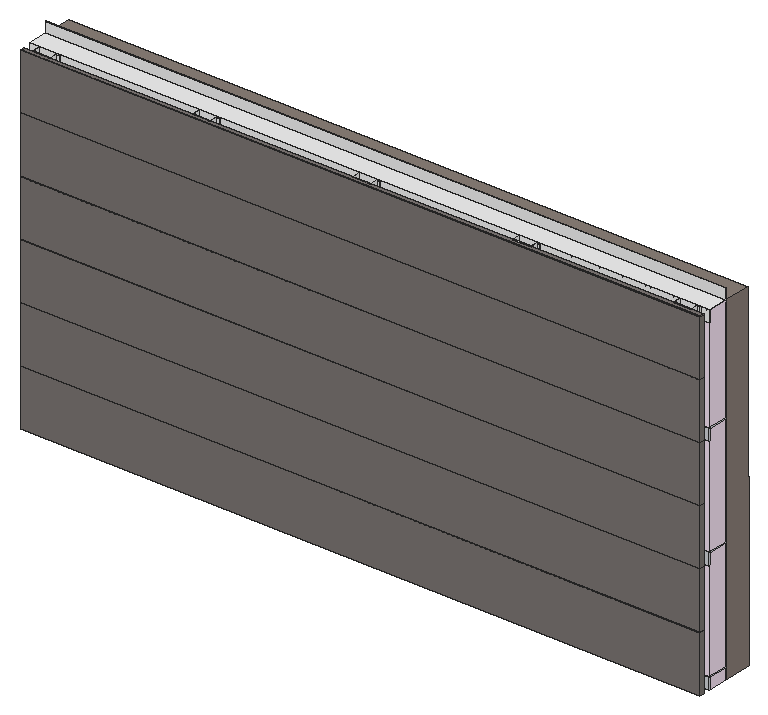
Revit family "Acrytec Panel - Wood", category Generic Models, Revit 2016
Family settings
  Part Type = Normal
  Can host rebar = No
  Round Connector Dimension = Use Diameter
  Work Plane-Based = No
  Always vertical = Yes
  Cut with Voids When Loaded = Yes
  Shared = No
  Room Calculation Point = No
Parameters (values of type "Acrytec Panel - Wood")
  panelHeight [instance] = 1220 mm
  Wood Finish Spacing [instance] = panelHeight / 203 mm  # 6
  Wood Finish Panel Width = 203 mm
  Uninsulated Panel Type = not(Insulated Panel Type)  # no
  Insulated Panel Type = yes
  Vertical Girt Spacing [instance] = if(and(PanelWidth > 1799 mm, PanelWidth < 2301 mm), 1, (PanelWidth / 2) / 575 mm) + 1  # 3
  Coco = yes
  Silver Wood = no
  Red Cedar = no
  Pewter = no
  Mocha = no
  Gun Stock = no
  PanelWidth [instance] = 2440 mm
  PanelZGirt [instance] = 75 mm
  PanelThickness [instance] = PanelFinish + PanelZGirt + PanelHatSection  # 115.422 mm
  PanelHatSection [instance] = 25.383 mm
  PanelFinish [instance] = 15.04 mm
  Panel-A-CL-Offset = 328.7 mm  # constant formula
  Horizontal Girt Spacing [instance] = panelHeight / 400 mm  # 3
  Horizontal Girt Length [instance] = PanelWidth  # 2440 mm
Reference planes
  plane 1 "Center (Front/Back)": y = 0
  plane 2: z = 0
  plane 3 "Center (Left/Right)": x = 0
  plane 4: y = -75
  plane 5: y = -115.422
  plane 6: z = 1220
  plane 7: y = -100.383
  plane 8: x = -1220
  plane 9: x = 1220
Forms (mm)
  Extrusion 1, solid, material "2016-31-moisture Membrane", visible <- "Insulated Panel Type"
    sketch origin (0, 0, 0) x (1, 0, 0) y (0, 0, 1)
      loop
        line (-1220, 0) -> (1220, 0) -> (1220, 1220) -> (-1220, 1220) -> (-1220, 0)
    from -1 to 0
  Extrusion 2, solid, material "2016-31-Standard Brick", visible <- "Insulated Panel Type"
    sketch origin (0, 0, 0) x (1, 0, 0) y (0, 0, 1)
      loop
        line (-1220, 0) -> (1220, 0) -> (1220, 1220) -> (-1220, 1220) -> (-1220, 0)
    from -100 to -1
  Extrusion 3, solid, material "00 - Wood_Gun Stock", visible <- "Gun Stock"
    sketch origin (0, 0, 0) x (1, 0, 0) y (0, 0, 1)
      loop
        line (1220, 0) -> (1220, 1220) -> (-1220, 1220) -> (-1220, 0) -> (1220, 0)
    from 100.383 to 115.422
  Extrusion 4, solid, material "00 - Wood_Mocha", visible <- "Mocha"
    sketch origin (0, 0, 0) x (1, 0, 0) y (0, 0, 1)
      loop
        line (1220, 0) -> (1220, 1220) -> (-1220, 1220) -> (-1220, 0) -> (1220, 0)
    from 100.383 to 115.422
  Extrusion 5, solid, material "00 - Wood_Pewter", visible <- "Pewter"
    sketch origin (0, 0, 0) x (1, 0, 0) y (0, 0, 1)
      loop
        line (1220, 0) -> (1220, 1220) -> (-1220, 1220) -> (-1220, 0) -> (1220, 0)
    from 100.383 to 115.422
  Extrusion 6, solid, material "00 - Wood_Red Cedar", visible <- "Red Cedar"
    sketch origin (0, 0, 0) x (1, 0, 0) y (0, 0, 1)
      loop
        line (1220, 0) -> (1220, 1220) -> (-1220, 1220) -> (-1220, 0) -> (1220, 0)
    from 100.383 to 115.422
  Extrusion 7, solid, material "00 - Wood_Silver Wood", visible <- "Silver Wood"
    sketch origin (0, 0, 0) x (1, 0, 0) y (0, 0, 1)
      loop
        line (1220, 0) -> (1220, 1220) -> (-1220, 1220) -> (-1220, 0) -> (1220, 0)
    from 100.383 to 115.422
  Extrusion 8, solid, material "00 - Wood_Coco", visible <- "Coco"
    sketch origin (0, 0, 0) x (1, 0, 0) y (0, 0, 1)
      loop
        line (1220, 0) -> (1220, 1220) -> (-1220, 1220) -> (-1220, 0) -> (1220, 0)
    from 100.383 to 115.422
  Extrusion 9, solid, material "2016-31-Galvanized-Aluminum 2014-T4", not visible
    sketch origin (0, 0, 0) x (1, 0, 0) y (0, 1, 0)
      loop
        line (-609.6, -75) -> (-609.6, -100.383) -> (-544.314, -100.383) -> (-544.314, -76) -> (-532.497, -76) -> (-532.497, -75) -> (-545.314, -75) -> (-545.314, -99.383) -> (-608.6, -99.383) -> (-608.6, -75) -> (-609.6, -75)
    from 0 to 2438.4
  Extrusion 10, solid, material "2016-31-Galvanized-Aluminum 2014-T4"
    sketch origin (571.049, 0, 0) x (1, 0, 0) y (0, 1, 0)
      loop
        line (-609.6, -75) -> (-609.6, -100.383) -> (-544.314, -100.383) -> (-544.314, -76) -> (-532.497, -76) -> (-532.497, -75) -> (-545.314, -75) -> (-545.314, -99.383) -> (-608.6, -99.383) -> (-608.6, -75) -> (-609.6, -75)
    from 0 to 1220 <- "panelHeight"
  Extrusion 11, solid, material "2016-31-Galvanized-Aluminum 2014-T4"
    sketch origin (1146.049, 0, 0) x (1, 0, 0) y (0, 1, 0)
      loop
        line (-609.6, -75) -> (-609.6, -100.383) -> (-544.314, -100.383) -> (-544.314, -76) -> (-532.497, -76) -> (-532.497, -75) -> (-545.314, -75) -> (-545.314, -99.383) -> (-608.6, -99.383) -> (-608.6, -75) -> (-609.6, -75)
    from 0 to 1220 <- "panelHeight"
  Extrusion 12, solid, material "2016-31-Galvanized-Aluminum 2014-T4"
    sketch origin (-3.951, 0, 0) x (1, 0, 0) y (0, 1, 0)
      loop
        line (-609.6, -75) -> (-609.6, -100.383) -> (-544.314, -100.383) -> (-544.314, -76) -> (-532.497, -76) -> (-532.497, -75) -> (-545.314, -75) -> (-545.314, -99.383) -> (-608.6, -99.383) -> (-608.6, -75) -> (-609.6, -75)
    from 0 to 1220 <- "panelHeight"
  Extrusion 13, solid, material "2016-31-Galvanized-Aluminum 2014-T4", visible <- "Insulated Panel Type"
    sketch origin (-2162.5, 0, 785) x (0, 1, 0) y (0, 0, 1)
      loop
        line (0, 475) -> (-2.875, 475) -> (-2.875, 437.626) -> (-74.375, 437.626) -> (-74.375, 395) -> (-71.842, 395) -> (-71.842, 435) -> (0, 435) -> (0, 475)
    from 3382.5 to 942.5
  Extrusion 14, solid, material "2016-31-Galvanized-Aluminum 2014-T4", visible <- "Uninsulated Panel Type"
    sketch origin (0, 0, 20) x (0, 1, 0) y (0, 0, 1)
      loop
        line (-99.383, 1180) -> (-96.849, 1180) -> (-96.849, 1200) -> (-74.375, 1200) -> (-74.375, 1222.626) -> (-76.975, 1222.626) -> (-76.975, 1202.626) -> (-99.383, 1202.626) -> (-99.383, 1180)
    from -1220 to 1220
  Extrusion 15, solid, material "2016-31-moisture Membrane", visible <- "Uninsulated Panel Type"
    sketch origin (0, -74.375, 0) x (1, 0, 0) y (0, 0, 1)
      loop
        line (-1220, 0) -> (1220, 0) -> (1220, 1220) -> (-1220, 1220) -> (-1220, 0)
    from -1 to 0
  Extrusion 16, solid, material "2016-31-Standard Brick", visible <- "Uninsulated Panel Type"
    sketch origin (0, -74.375, 0) x (1, 0, 0) y (0, 0, 1)
      loop
        line (-1220, 0) -> (1220, 0) -> (1220, 1220) -> (-1220, 1220) -> (-1220, 0)
    from -100 to -1
  Extrusion 17, solid, material "2016-31-Galvanized-Aluminum 2014-T4"
    sketch origin (1721.049, 0, 0) x (1, 0, 0) y (0, 1, 0)
      loop
        line (-609.6, -75) -> (-609.6, -100.383) -> (-544.314, -100.383) -> (-544.314, -76) -> (-532.497, -76) -> (-532.497, -75) -> (-545.314, -75) -> (-545.314, -99.383) -> (-608.6, -99.383) -> (-608.6, -75) -> (-609.6, -75)
    from 0 to 1220 <- "panelHeight"
  Extrusion 18, solid, material "2016-31-Galvanized-Aluminum 2014-T4"
    sketch origin (-578.951, 0, 0) x (1, 0, 0) y (0, 1, 0)
      loop
        line (-609.6, -75) -> (-609.6, -100.383) -> (-544.314, -100.383) -> (-544.314, -76) -> (-532.497, -76) -> (-532.497, -75) -> (-545.314, -75) -> (-545.314, -99.383) -> (-608.6, -99.383) -> (-608.6, -75) -> (-609.6, -75)
    from 0 to 1220 <- "panelHeight"
  Extrusion 19, void
    sketch origin (0, -115.422, -27.148) x (-1, 0, 0) y (0, 0, 1)
      loop
        line (1220, 231.148) -> (-1220, 231.148) -> (-1220, 230.148) -> (1220, 230.148) -> (1220, 231.148)
    from 0 to 15.04
  Extrusion 20, void
    sketch origin (0, -115.422, 175.852) x (-1, 0, 0) y (0, 0, 1)
      loop
        line (1220, 231.148) -> (-1220, 231.148) -> (-1220, 230.148) -> (1220, 230.148) -> (1220, 231.148)
    from 0 to 15.04
  Extrusion 21, void
    sketch origin (0, -115.422, 378.852) x (-1, 0, 0) y (0, 0, 1)
      loop
        line (1220, 231.148) -> (-1220, 231.148) -> (-1220, 230.148) -> (1220, 230.148) -> (1220, 231.148)
    from 0 to 15.04
  Extrusion 22, void
    sketch origin (0, -115.422, 581.852) x (-1, 0, 0) y (0, 0, 1)
      loop
        line (1220, 231.148) -> (-1220, 231.148) -> (-1220, 230.148) -> (1220, 230.148) -> (1220, 231.148)
    from 0 to 15.04
  Extrusion 23, void
    sketch origin (0, -115.422, 784.852) x (-1, 0, 0) y (0, 0, 1)
      loop
        line (1220, 231.148) -> (-1220, 231.148) -> (-1220, 230.148) -> (1220, 230.148) -> (1220, 231.148)
    from 0 to 15.04
  Extrusion 24, void
    sketch origin (0, -115.422, 987.852) x (-1, 0, 0) y (0, 0, 1)
      loop
        line (1220, 231.148) -> (-1220, 231.148) -> (-1220, 230.148) -> (1220, 230.148) -> (1220, 231.148)
    from 0 to 15.04
  Extrusion 25, solid, material "2016-31-Rigid Insulation", visible <- "Insulated Panel Type"
    sketch origin (47.064, -616.26, 0) x (0, 1, 0) y (-1, 0, 0)
      loop
        line (616.26, 1267.064) -> (542.259, 1267.064) -> (542.259, -1172.936) -> (616.26, -1172.936) -> (616.26, 1267.064)
    from 0 to 1220
Cuts and joins
  Extrusion 19 cuts Extrusion 1
  Extrusion 19 cuts Extrusion 2
  Extrusion 19, Extrusion 20, Extrusion 21, Extrusion 22, Extrusion 23, Extrusion 24 cuts Extrusion 3
  Extrusion 19, Extrusion 20, Extrusion 21, Extrusion 22, Extrusion 23, Extrusion 24 cuts Extrusion 4
  Extrusion 19, Extrusion 20, Extrusion 21, Extrusion 22, Extrusion 23, Extrusion 24 cuts Extrusion 5
  Extrusion 19, Extrusion 20, Extrusion 21, Extrusion 22, Extrusion 23, Extrusion 24 cuts Extrusion 6
  Extrusion 19, Extrusion 20, Extrusion 21, Extrusion 22, Extrusion 23, Extrusion 24 cuts Extrusion 7
  Extrusion 19, Extrusion 20, Extrusion 21, Extrusion 22, Extrusion 23, Extrusion 24 cuts Extrusion 8
  Extrusion 19, Extrusion 20, Extrusion 21, Extrusion 22, Extrusion 23, Extrusion 24 cuts Extrusion 10
  Extrusion 19, Extrusion 20, Extrusion 21, Extrusion 22, Extrusion 23, Extrusion 24 cuts Extrusion 11
  Extrusion 19, Extrusion 20, Extrusion 21, Extrusion 22, Extrusion 23, Extrusion 24 cuts Extrusion 12
  Extrusion 19 cuts Extrusion 15
  Extrusion 19 cuts Extrusion 16
  Extrusion 19, Extrusion 20, Extrusion 21, Extrusion 22, Extrusion 23, Extrusion 24 cuts Extrusion 17
  Extrusion 19, Extrusion 20, Extrusion 21, Extrusion 22, Extrusion 23, Extrusion 24 cuts Extrusion 18
Dimensions and locks
  "panelHeight": plane 6 to level
  "PanelZGirt": plane 4 to plane 1 "Center (Front/Back)"
  "PanelThickness": plane 5 to plane 1 "Center (Front/Back)"
  "PanelWidth": Extrusion 1 sketch curve to Extrusion 1 sketch curve
  Extrusion 1 sketch curve to Extrusion 1 sketch curve = 1220 mm
  Extrusion 1 sketch curve to Extrusion 1 sketch curve = 2440 mm
  "PanelWidth": Extrusion 2 sketch curve to Extrusion 2 sketch curve
  Extrusion 2 sketch curve to Extrusion 2 sketch curve = 1220 mm
  Extrusion 2 sketch curve to Extrusion 2 sketch curve = 2440 mm
  equal spacing: Extrusion 3 sketch curve, plane 3 "Center (Left/Right)", Extrusion 3 sketch curve
  "panelHeight": Extrusion 3 sketch curve to Extrusion 3 sketch curve
  "PanelWidth": Extrusion 3 sketch curve to Extrusion 3 sketch curve
  equal spacing: Extrusion 4 sketch curve, plane 3 "Center (Left/Right)", Extrusion 4 sketch curve
  "panelHeight": Extrusion 4 sketch curve to Extrusion 4 sketch curve
  "PanelWidth": Extrusion 4 sketch curve to Extrusion 4 sketch curve
  equal spacing: Extrusion 5 sketch curve, plane 3 "Center (Left/Right)", Extrusion 5 sketch curve
  "panelHeight": Extrusion 5 sketch curve to Extrusion 5 sketch curve
  "PanelWidth": Extrusion 5 sketch curve to Extrusion 5 sketch curve
  equal spacing: Extrusion 6 sketch curve, plane 3 "Center (Left/Right)", Extrusion 6 sketch curve
  "panelHeight": Extrusion 6 sketch curve to Extrusion 6 sketch curve
  "PanelWidth": Extrusion 6 sketch curve to Extrusion 6 sketch curve
  equal spacing: Extrusion 7 sketch curve, plane 3 "Center (Left/Right)", Extrusion 7 sketch curve
  "panelHeight": Extrusion 7 sketch curve to Extrusion 7 sketch curve
  "PanelWidth": Extrusion 7 sketch curve to Extrusion 7 sketch curve
  equal spacing: Extrusion 8 sketch curve, plane 3 "Center (Left/Right)", Extrusion 8 sketch curve
  "panelHeight": Extrusion 8 sketch curve to Extrusion 8 sketch curve
  "PanelWidth": Extrusion 8 sketch curve to Extrusion 8 sketch curve
  equal spacing: plane 9, plane 3 "Center (Left/Right)", plane 8
  "PanelWidth": plane 9 to plane 8
  equal spacing: group 2, group 3, group 8  (x3)
  equal spacing: group 9, group 4, group 2
  equal spacing: group 2, group 4, group 9  (x2)
  equal spacing: group 5, group 6, group 7  (x3)
  "PanelWidth": Extrusion 15 sketch curve to Extrusion 15 sketch curve
  Extrusion 15 sketch curve to Extrusion 15 sketch curve = 1220 mm
  Extrusion 15 sketch curve to Extrusion 15 sketch curve = 2440 mm
  "PanelWidth": Extrusion 16 sketch curve to Extrusion 16 sketch curve
  Extrusion 16 sketch curve to Extrusion 16 sketch curve = 1220 mm
  Extrusion 16 sketch curve to Extrusion 16 sketch curve = 2440 mm
  equal spacing: group 10, group 11, group 12, group 13, group 14, group 15  (x3)
  "PanelWidth": Extrusion 14 to Extrusion 14
  "PanelWidth": Extrusion 13 to Extrusion 13
  aligned and locked: Extrusion 2 to Extrusion 1
  aligned and locked: Extrusion 2 to plane 2
  aligned and locked: Extrusion 1 to plane 2
  aligned and locked: plane 2 to level
  aligned and locked: plane 6 to Extrusion 2
  aligned and locked: plane 6 to Extrusion 1
  aligned and locked: plane 3 "Center (Left/Right)" to nested 1
  aligned and locked: nested 1 to plane 1 "Center (Front/Back)"
  aligned and locked: Extrusion 16 to Extrusion 15
  aligned and locked: Extrusion 16 to level
  aligned and locked: Extrusion 15 to level
  aligned and locked: plane 9 to Extrusion 14
  aligned and locked: plane 9 to Extrusion 13
  aligned and locked: Extrusion 13 to plane 8
  aligned and locked: Extrusion 14 to plane 8
  aligned and locked: Extrusion 19 to plane 8
  aligned and locked: plane 9 to Extrusion 19
  aligned and locked: plane 6 to Extrusion 16
  aligned and locked: plane 6 to Extrusion 15
  aligned and locked: Extrusion 25 to level
  aligned and locked: plane 9 to Extrusion 25
  aligned and locked: Extrusion 25 to plane 8
  aligned and locked: plane 6 to Extrusion 25
Automatic sketch dimensions
  Extrusion 9 sketch curve to Extrusion 9 sketch curve = 1 mm  (x4)
  Extrusion 9 sketch curve to Extrusion 9 sketch curve = 63.286 mm
  Extrusion 9 sketch curve to Extrusion 9 sketch curve = 11.817 mm
  Extrusion 9 sketch curve to Extrusion 9 sketch curve = 23.383 mm
  Extrusion 9 sketch curve to Extrusion 9 sketch curve = 24.383 mm
  Extrusion 10 sketch curve to Extrusion 10 sketch curve = 1 mm  (x4)
  Extrusion 10 sketch curve to Extrusion 10 sketch curve = 63.286 mm
  Extrusion 10 sketch curve to Extrusion 10 sketch curve = 11.817 mm
  Extrusion 10 sketch curve to Extrusion 10 sketch curve = 23.383 mm
  Extrusion 10 sketch curve to Extrusion 10 sketch curve = 24.383 mm
  Extrusion 11 sketch curve to Extrusion 11 sketch curve = 1 mm  (x4)
  Extrusion 11 sketch curve to Extrusion 11 sketch curve = 63.286 mm
  Extrusion 11 sketch curve to Extrusion 11 sketch curve = 11.817 mm
  Extrusion 11 sketch curve to Extrusion 11 sketch curve = 23.383 mm
  Extrusion 11 sketch curve to Extrusion 11 sketch curve = 24.383 mm
  Extrusion 12 sketch curve to Extrusion 12 sketch curve = 1 mm  (x4)
  Extrusion 12 sketch curve to Extrusion 12 sketch curve = 63.286 mm
  Extrusion 12 sketch curve to Extrusion 12 sketch curve = 11.817 mm
  Extrusion 12 sketch curve to Extrusion 12 sketch curve = 23.383 mm
  Extrusion 12 sketch curve to Extrusion 12 sketch curve = 24.383 mm
  Extrusion 17 sketch curve to Extrusion 17 sketch curve = 1 mm  (x4)
  Extrusion 17 sketch curve to Extrusion 17 sketch curve = 63.286 mm
  Extrusion 17 sketch curve to Extrusion 17 sketch curve = 11.817 mm
  Extrusion 17 sketch curve to Extrusion 17 sketch curve = 23.383 mm
  Extrusion 17 sketch curve to Extrusion 17 sketch curve = 24.383 mm
  Extrusion 18 sketch curve to Extrusion 18 sketch curve = 1 mm  (x4)
  Extrusion 18 sketch curve to Extrusion 18 sketch curve = 63.286 mm
  Extrusion 18 sketch curve to Extrusion 18 sketch curve = 11.817 mm
  Extrusion 18 sketch curve to Extrusion 18 sketch curve = 23.383 mm
  Extrusion 18 sketch curve to Extrusion 18 sketch curve = 24.383 mm
  Extrusion 19 sketch curve to Extrusion 19 sketch curve = 1 mm
  Extrusion 19 sketch curve to Extrusion 19 sketch curve = 2440 mm
  Extrusion 20 sketch curve to Extrusion 20 sketch curve = 1 mm
  Extrusion 20 sketch curve to Extrusion 20 sketch curve = 2440 mm
  Extrusion 21 sketch curve to Extrusion 21 sketch curve = 1 mm
  Extrusion 21 sketch curve to Extrusion 21 sketch curve = 2440 mm
  Extrusion 22 sketch curve to Extrusion 22 sketch curve = 1 mm
  Extrusion 22 sketch curve to Extrusion 22 sketch curve = 2440 mm
  Extrusion 23 sketch curve to Extrusion 23 sketch curve = 1 mm
  Extrusion 23 sketch curve to Extrusion 23 sketch curve = 2440 mm
  Extrusion 24 sketch curve to Extrusion 24 sketch curve = 1 mm
  Extrusion 24 sketch curve to Extrusion 24 sketch curve = 2440 mm
  Extrusion 1 sketch curve to plane 6 = 0 mm
  Extrusion 1 sketch curve to plane 8 = 0 mm
  Extrusion 2 sketch curve to plane 6 = 0 mm
  Extrusion 2 sketch curve to plane 8 = 0 mm
  Extrusion 3 sketch curve to level = 0 mm
  Extrusion 4 sketch curve to level = 0 mm
  Extrusion 5 sketch curve to level = 0 mm
  Extrusion 6 sketch curve to level = 0 mm
  Extrusion 7 sketch curve to level = 0 mm
  Extrusion 8 sketch curve to level = 0 mm
  Extrusion 13 sketch curve to plane 6 = 0 mm
  Extrusion 13 sketch curve to plane 1 "Center (Front/Back)" = 0 mm
  plane 1 "Center (Front/Back)" to Extrusion 13 sketch curve = 2.875 mm
  plane 4 to Extrusion 13 sketch curve = 3.158 mm
  plane 4 to Extrusion 13 sketch curve = 0.625 mm
  Extrusion 13 sketch curve to Extrusion 13 sketch curve = 40 mm
  plane 6 to Extrusion 13 sketch curve = 2.626 mm
  Extrusion 13 sketch curve to Extrusion 13 sketch curve = 37.374 mm
  Extrusion 14 sketch curve to plane 6 = 0 mm
  plane 7 to Extrusion 14 sketch curve = 1 mm
  Extrusion 14 sketch curve to Extrusion 14 sketch curve = 2.534 mm
  Extrusion 14 sketch curve to plane 4 = 1.975 mm
  plane 4 to Extrusion 14 sketch curve = 0.625 mm
  Extrusion 14 sketch curve to plane 6 = 20 mm
  plane 6 to Extrusion 14 sketch curve = 2.626 mm
  Extrusion 14 sketch curve to Extrusion 14 sketch curve = 20 mm
  Extrusion 15 sketch curve to plane 6 = 0 mm
  Extrusion 15 sketch curve to plane 8 = 0 mm
  Extrusion 16 sketch curve to plane 6 = 0 mm
  Extrusion 16 sketch curve to plane 8 = 0 mm
  Extrusion 25 sketch curve to plane 9 = 0 mm
  plane 5 to Extrusion 25 sketch curve = 41.422 mm
  Extrusion 25 sketch curve to Extrusion 25 sketch curve = 74 mm
  plane 8 to Extrusion 25 sketch curve = 0 mm
Nested families
  nested 1: "Horizontal Girt Nested Array" at (0, -37.5, 0), Girt Length <- "PanelWidth", visible <- "Insulated Panel Type", type "Horizontal Girt Nested Array"
    with Girt Length 2440 mm
  nested 2: "Horizontal Girt Nested Array" at (0, -37.5, 400), Girt Length <- "PanelWidth", visible <- "Insulated Panel Type", type "Horizontal Girt Nested Array"
    with Girt Length 2440 mm
  nested 3: "Horizontal Girt Nested Array" at (0, -37.5, 800), Girt Length <- "PanelWidth", visible <- "Insulated Panel Type", type "Horizontal Girt Nested Array"
    with Girt Length 2440 mm
Definition of nested family "Horizontal Girt Nested Array"
  Parameters (values of type "Horizontal Girt Nested Array")
    Girt Length [instance] = 500 mm
  Reference planes
    plane 1 "Center (Front/Back)": y = 0
    plane 2: z = 0
    plane 3 "Center (Left/Right)": x = 0
    plane 4: x = -250
    plane 5: x = 250
    plane 6: z = 3500
  Dimensions and locks
    equal spacing: plane 4, plane 3 "Center (Left/Right)", plane 5
    plane 6 to level = 3500 mm
    "Girt Length": plane 4 to plane 5
    plane 4 to plane 5 = 500 mm
    aligned and locked: level to plane 2
    aligned and locked: plane 4 to nested 1
    aligned and locked: plane 5 to nested 1
  Nested families
    nested 1: "Horizontal Girt" at (0, 0, 0), type "Horizontal Girt"
      with Girt Length 500 mm
  Definition of nested family "Horizontal Girt"
    Parameters (values of type "Horizontal Girt")
      Girt Length [instance] = 4000 mm
    Reference planes
      plane 1 "Center (Front/Back)": y = 0
      plane 2: z = 0
      plane 3 "Center (Left/Right)": x = 0
      plane 4: x = -2000
      plane 5: x = 2000
    Forms (mm)
      Extrusion 1, solid
        sketch origin (0, 0, 0) x (0, 1, 0) y (0, 0, 1)
          loop
            line (-37.5, 43) -> (-37.5, 0) -> (-34.5, 0) -> (-34.5, 40) -> (37.5, 40) -> (37.5, 80) -> (34.5, 80) -> (34.5, 43) -> (-37.5, 43)
        from -2000 to 2000
    Dimensions and locks
      equal spacing: plane 4, plane 3 "Center (Left/Right)", plane 5
      "Girt Length": plane 4 to plane 5
      aligned and locked: level to plane 2
      aligned and locked: Extrusion 1 to plane 4
      aligned and locked: plane 5 to Extrusion 1
    Automatic sketch dimensions
      Extrusion 1 sketch curve to Extrusion 1 sketch curve = 3 mm  (x3)
      Extrusion 1 sketch curve to level = 0 mm
      Extrusion 1 sketch curve to Extrusion 1 sketch curve = 37 mm
      plane 1 "Center (Front/Back)" to Extrusion 1 sketch curve = 37.5 mm
      Extrusion 1 sketch curve to plane 1 "Center (Front/Back)" = 34.5 mm
      level to Extrusion 1 sketch curve = 40 mm
